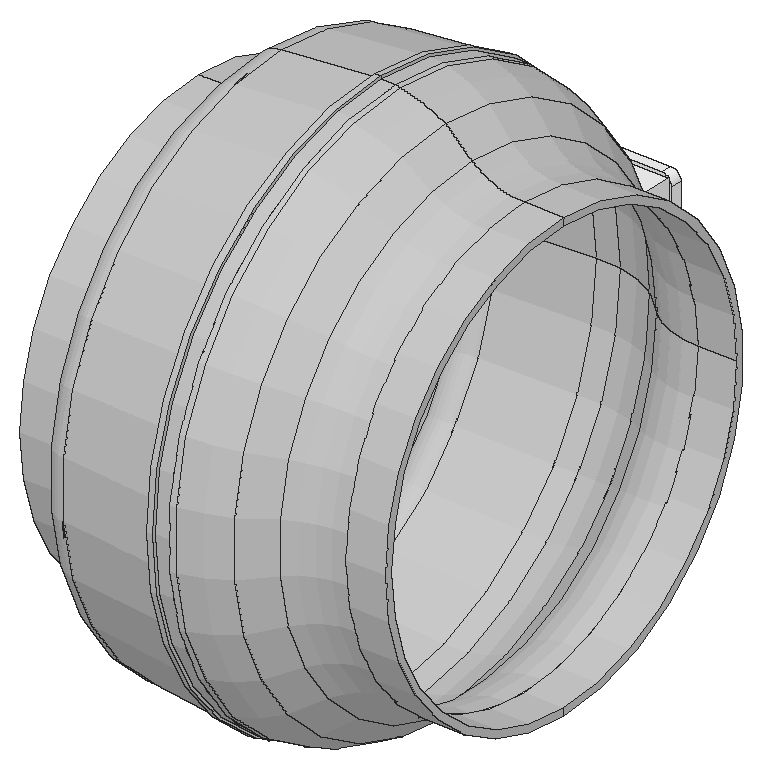
Revit family "CK 315 C EC_7001050", category Mechanical Equipment, Revit 2014
Parameters (values of type "CK 315 C EC")
  Wiring diagram = "4040143"
  Weight = 6.20 kg
  Voltage range = "200-277 / 50/60 V/Hz"
  Voltage = 230 V
  Speed = "2624 rpm"
  Sound pressure level at 3 m = "52 dB(A)"
  Power = 226 W
  Phase = 1
  Max. temperature of transported air when speed controlled = 60 °C
  Max. temperature of transported air = 60 °C
  Main Material = Steel, Galvanized
  Frequency = 50 Hz
  Elevation [instance] = 2801 mm
  Diameter = 314 mm
  Current = 1 A
  Capacitor = "- μF"
Reference planes
  plane 1 "Center (Front/Back)": y = 0
  plane 2: z = 0
  plane 3 "Center (Left/Right)": x = 0
  plane 4: z = 2801
Forms (mm)
  Extrusion 1, solid, not visible
    sketch origin (0, 0, 0) x (0, 1, 0) y (0, 0, 1)
      loop
        circle (0, 2801) r 157
    from -128.5 to 128.5
Dimensions and locks
  "Elevation": plane 4 to plane 2
  aligned and locked: level to plane 2
  aligned and locked: plane 3 "Center (Left/Right)" to nested 1
  aligned and locked: plane 1 "Center (Front/Back)" to nested 1
  aligned and locked: plane 1 "Center (Front/Back)" to nested 2
  aligned and locked: plane 3 "Center (Left/Right)" to nested 2
  aligned and locked: nested 1 to plane 4
  aligned and locked: nested 1 to Extrusion 1  (x2)
Automatic sketch dimensions
  Extrusion 1 sketch curve to plane 1 "Center (Front/Back)" = 0 mm
  Extrusion 1 sketch curve to plane 4 = 0 mm
  radius of Extrusion 1 sketch curve = 157 mm
Nested families
  nested 1: "CK 315 B AC_CK 315 C AC_CK 315 C ErP AC_CK 315 B EC_CK 315 C EC_geometry" at (0, 0, 2600), type "CK 315 B AC_CK 315 C AC_CK 315 C ErP AC_CK 315 B EC_CK 315 C EC_geometry"
  nested 2: "Flow direction symbol" at (0, 0, 0), type "Flow direction symbol"
Connectors
  hvac at (-128.5, 0, 2801), driven by "Diameter"
    settings: on Extrusion 1, index 1, duct flow 0.0 L/s, flow factor 0, pres drop 0.0 Pa, loss coef 0, conn angle 0.00°, conn width 304.8 mm, conn height 304.8 mm, conn diameter 314 mm, duct sys type 1, conn prof type 0, flow config 0, flow direction 1, loss method 0, conn ref index -1, conn util no, is conn primary yes, conn desc ""
  hvac at (128.5, 0, 2801), driven by "Diameter"
    settings: on Extrusion 1, index 2, duct flow 0.0 L/s, flow factor 0, pres drop 0.0 Pa, loss coef 0, conn angle 0.00°, conn width 304.8 mm, conn height 304.8 mm, conn diameter 314 mm, duct sys type 3, conn prof type 0, flow config 0, flow direction 2, loss method 0, conn ref index -1, conn util no, is conn primary no, conn desc ""
  electrical at (-29.127, 241.81, 2801.884), driven by "Phase", driven by "Voltage"
    settings: on nested 1, index 3, voltage 230 V, apparent load 0 VA, apparent load phase1 0 VA, apparent load phase2 0 VA, apparent load phase3 0 VA, power factor 1, load classification "Other", number of poles 1, system type 31, power factor state 1, is connector primary yes, connector utility no, sub classification motor no, connector description ""
Definition of nested family "CK 315 B AC_CK 315 C AC_CK 315 C ErP AC_CK 315 B EC_CK 315 C EC_geometry"
  Parameters (values of type "CK 315 B AC_CK 315 C AC_CK 315 C ErP AC_CK 315 B EC_CK 315 C EC_geometry")
    Main Material = Steel, Galvanized
  Reference planes
    plane 1 "Center (Front/Back)": y = 0
    plane 2: z = 0
    plane 3 "Center (Left/Right)": x = 0
    plane 4: z = 201
    plane 5: y = 241.81
    plane 6: y = 201
    plane 7: y = -201
    plane 8: x = -128.5
    plane 9: x = 128.5
    plane 10: z = 402
  Forms (mm)
    Revolve 1, solid, material "Steel, Galvanized" <- "Main Material", detail levels coarse
      sketch origin (0, 0, 0) x (1, 0, 0) y (0, 0, 1)
        loop
          line (128.5, 201) -> (-128.5, 201) -> (-128.5, 44) -> (-98.5, 44)
          arc (-98.5, 44) -> (-94.195, 42.474) -> (-91.813, 38.577) r 6.834
          line (-91.813, 38.577) -> (-87.774, 22.379)
          arc (-87.774, 22.379) -> (-81.314, 12.165) -> (-70.036, 7.821) r 19.233
          line (-70.036, 7.821) -> (-15.481, 1.686)
          arc (-15.481, 1.686) -> (-11.577, 1.25) -> (-7.673, 0.822) r 2193.983
          arc (-7.673, 0.822) -> (1.621, 0.111) -> (10.941, 0) r 144.956
          arc (10.941, 0) -> (30.807, 4.234) -> (47.692, 15.527) r 53.842
          arc (47.692, 15.527) -> (60.932, 27.313) -> (75.322, 37.663) r 170.739
          arc (75.322, 37.663) -> (87.504, 42.929) -> (100.733, 44) r 40.746
          line (100.733, 44) -> (128.5, 44) -> (128.5, 201)
        axis (128.5, 201) -> (-128.5, 201)
      angle from 0 to 360
    Extrusion 2, solid, material "Plastic", detail levels medium+fine
      sketch origin (14.375, 82.148, 79.375) x (1, 0, 0) y (0, 0, 1)
        loop
          line (-4.004, 163.259) -> (-83, 163.259)
          arc (-83, 163.259) -> (-87.95, 161.209) -> (-90, 156.259) r 7
          line (-90, 156.259) -> (-90, 90.259)
          arc (-90, 90.259) -> (-87.071, 83.188) -> (-80, 80.259) r 10
          line (-80, 80.259) -> (-7.004, 80.259)
          arc (-7.004, 80.259) -> (0.067, 83.188) -> (2.996, 90.259) r 10
          line (2.996, 90.259) -> (2.996, 156.259)
          arc (2.996, 156.259) -> (0.945, 161.209) -> (-4.004, 163.259) r 7
      from -159.662 to -151.628
    Extrusion 3, solid, material "Plastic", detail levels medium+fine
      sketch origin (14.375, 82.148, 79.375) x (0, 1, 0) y (0, 0, 1)
        loop
          line (118.852, 161.259) -> (118.852, 81.741) -> (151.628, 81.741) -> (151.628, 161.259) -> (118.852, 161.259)
      from -88 to 1
    Revolve 4, solid, material "Steel, Galvanized" <- "Main Material", detail levels medium+fine
      sketch origin (0, 0, 0) x (1, 0, 0) y (0, 0, 1)
        loop
          line (128.5, 201) -> (-128.5, 201) -> (-128.5, 44) -> (-98.5, 44)
          arc (-98.5, 44) -> (-94.195, 42.474) -> (-91.813, 38.577) r 6.834
          line (-91.813, 38.577) -> (-87.739, 22.237)
          arc (-87.739, 22.237) -> (-81.288, 12.081) -> (-70.036, 7.821) r 19.037
          line (-70.036, 7.821) -> (-4.51, 2.088) -> (-4.51, 0) -> (0, 0) -> (0, 1.694) -> (10, 1.694) -> (13.892, 2.38)
          arc (13.892, 2.38) -> (30.152, 6.839) -> (45.306, 14.231) r 90.677
          line (45.306, 14.231) -> (63.885, 30.959)
          arc (63.885, 30.959) -> (81.011, 41.146) -> (100.733, 44) r 51.046
          line (100.733, 44) -> (128.5, 44) -> (128.5, 201)
        axis (128.5, 201) -> (-128.5, 201)
      angle from 0 to 360
    Revolve 5, void
      sketch origin (0, 0, 201) x (1, 0, 0) y (0, 1, 0)
        loop
          line (128.5, 0) -> (-128.5, 0) -> (-128.5, -152) -> (-98.5, -152)
          arc (-98.5, -152) -> (-91.086, -154.61) -> (-86.942, -161.29) r 11.834
          line (-86.942, -161.29) -> (-82.887, -177.553)
          arc (-82.887, -177.553) -> (-78.089, -185.076) -> (-69.726, -188.187) r 14.037
          line (-69.726, -188.187) -> (-4.075, -193.931) -> (13.024, -193.696)
          arc (13.024, -193.696) -> (28.172, -189.564) -> (42.312, -182.736) r 85.677
          line (42.312, -182.736) -> (60.539, -166.325)
          arc (60.539, -166.325) -> (79.279, -155.163) -> (100.861, -152) r 56.046
          line (100.861, -152) -> (128.5, -152) -> (128.5, 0)
        axis (128.5, 0) -> (-128.5, 0)
      angle from 0 to 360
  Cuts and joins
    Revolve 5 cuts Revolve 4
  Dimensions and locks
    plane 10 to level = 402 mm
    aligned and locked: level to plane 2
Definition of nested family "Flow direction symbol"
  Parameters (values of type "Flow direction symbol")
    Warning = "!"
    Text = "DIMENSIONS OVERCONSTRAINT"
  Reference planes
    plane 1: y = 0
    plane 2: x = 0
  Lines and regions (mm)
    detail lines
      curve 1: line (-0.506, 0.877, 0) -> (-0.506, -0.877, 0)
      curve 2: line (1.012, 0, 0) -> (-0.506, -0.877, 0)
      curve 3: line (-0.506, 0.877, 0) -> (1.012, 0, 0)
      curve 4: circle (0, 0, 0) r 1 normal (0, 0, 1)
